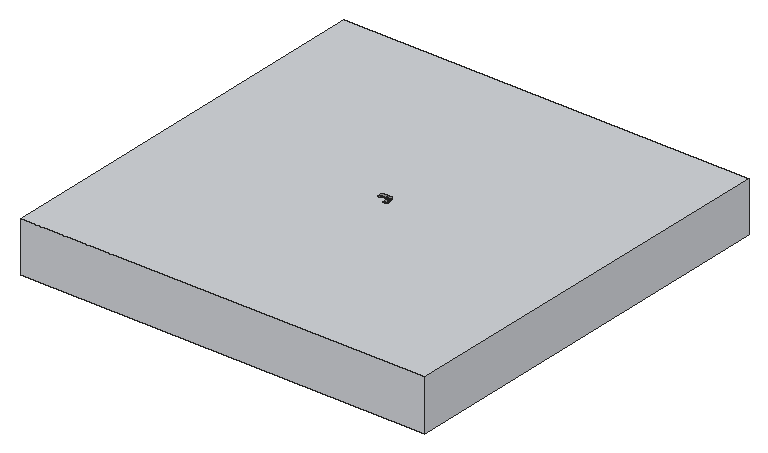
Revit family "Hekatron_Rauchwarnmelder_FM.Basis X_DE_22.01", category Brandmelder, Revit 2018
Family settings
  Basisbauteil = Fläche
  Beschriftungsausrichtung beibehalten = Ja
  Bemaßung runder Anschluss = Durchmesser verwenden
  Teiletyp = Normal
  OmniClass-Nummer = 23.85.30.21
  OmniClass-Titel = Environmental Detection/Registration
  Beim Laden mit Abzugskörper schneiden = Nein
  Gemeinsam genutzt = Nein
  Raumberechnungspunkt = Nein
Parameters (values of type "FM.Basis X")
  Zulässige Umgebungstemperatur = "0 °C bis + 55 °C"
  Zulässige Luftgeschwindigkeit = ""
  Zulassungen nach EN 54 = ""
  Width [instance] = 60 mm
  Version des BIM Objektes = "22.01"
  VdS-Anerkennung = "G 219068"
  URL = "https://www.hekatron-brandschutz.de"
  UB A&S Artikel Nummer = "31-5200001-11-02"
  Typenkommentare = "Funkmodul Basis X"
  Tiefe (mm) = "78.0"
  Stromaufnahme = ""
  Schutzart = ""
  Rauchteil einstellbar = ""
  Nettogewicht (g) = "10.0"
  Montageart = ""
  Modell = "FM.Basis X"
  Material = "PCB"
  Link zum Datenblatt = ""
  Link zu ausschreiben.de = "https://www.ausschreiben.de/katalog/Hekatron/position/218"
  Link zu Produktinformation = ""
  Link zu Ausschreibungstext = "https://www.meinhplus.de/login"
  Leistungserklärung (DoP) = "CPR-31-19-003-de-en"
  Lautstärke DIN-Ton (dB) = ""
  Kabeleinführung = ""
  Höhe (mm) = "10.0"
  Hersteller = "Hekatron"
  Heigth [instance] = 78 mm
  Funktionsprinzip = "Funk"
  Farbe = ""
  Ex-Zonen = ""
  Einstellung Temperaturklasse nach EN 54-5 = ""
  Einstellung Temperaturindex nach EN 54-5 = ""
  Einstellung Rauchempfindlichkeit nach EN 54-20 = ""
  Einstellen Rauchempfindlichkeit nach EN 54-7 = ""
  EG-Konformitätszertifikat / Zertifikat der Leistungsbeständigkeit = ""
  Durchmesser (mm) = ""
  Depth [instance] = 6.5 mm
  Vorgabe-Ansicht = 1200 mm
  Breite (mm) = "60.0"
  Betriebsspannung = ""
  Beschreibung = "Funkmodul Basis X zur Funkvernetzung von Rauchwarnmeldern Genius Plus X und Genius Hx. Durch den Einsatz eines Funkmoduls Basis X wird ein Alarm flächendeckend bei allen Funk-Rauchwarnmeldern gleicher Linie signalisiert. Je Linie können maximal 30 Rauchwarnmelder vernetzt werden."
  Bauartgenehmigungen = ""
  Anzahl Ansaugleitungen = ""
  Ansprechtemperatur = ""
  Alarm- & Empfindlichkeitsbereich = ""
Types (2, lengths in mm): name | URL | Typenkommentare | Beschreibung
  (no name) | "www.hekatron-brandschutz.de" | 0 | 0
  FM.Basis X | "https://www.hekatron-brandschutz.de" | "Funkmodul Basis X" | "Funkmodul Basis X zur Funkvernetzung von Rauchwarnmeldern Genius Plus X und Genius Hx. Durch den Einsatz eines Funkmoduls Basis X wird ein Alarm flächendeckend bei allen Funk-Rauchwarnmeldern gleicher Linie signalisiert. Je Linie können maximal 30 Rauchwarnmelder vernetzt werden."
Values of the unnamed type that differ from the named types
  Zulässige Umgebungstemperatur = ""
  Version des BIM Objektes = ""
  VdS-Anerkennung = ""
  UB A&S Artikel Nummer = ""
  Tiefe (mm) = ""
  Nettogewicht (g) = ""
  Material = ""
  Link zu ausschreiben.de = ""
  Link zu Ausschreibungstext = ""
  Leistungserklärung (DoP) = ""
  Höhe (mm) = ""
  Funktionsprinzip = ""
  Breite (mm) = ""
Reference planes
  plane 1 "Center (Front/Back)": y = 0
  plane 2: z = 0
  plane 3 "Center (Left/Right)": x = 0
Forms (mm)
  Extrusion 1, solid
    sketch origin (0, 0, 0) x (1, 0, 0) y (0, 1, 0)
      loop
        line (-1219.2, 1219.2) -> (-1219.2, -1219.2) -> (1219.2, -1219.2) -> (1219.2, 1219.2) -> (-1219.2, 1219.2)
    from 0 to -304.8
  Extrusion 2, solid, material "GFRP, Green"
    sketch origin (0, 0, 0) x (1, 0, 0) y (0, 1, 0)
      loop
        line (19.985, 30) -> (-30, 30)
        arc (-30, 30) -> (-34.756, 26.404) -> (-39, 22.216) r 45.486
        line (-39, 22.216) -> (-39, -1) -> (-22.5, -1) -> (-22.5, 8) -> (12.5, 8) -> (12.5, -30) -> (34, -30) -> (39, -19.5) -> (39, 3.5)
        arc (39, 3.5) -> (31.95, 18.513) -> (19.985, 30) r 45.478
      loop
        circle (-30, 4) r 2.5
      loop
        circle (20, 4) r 2.5
      loop
        circle (31.75, 2) r 0.8
      loop
        circle (31.75, -0.5) r 0.8
      loop
        circle (31.75, -3) r 0.8
      loop
        circle (31.75, -5.5) r 0.8
      loop
        circle (31.75, -8) r 0.8
      loop
        circle (31.75, -10.5) r 0.8
    from 0 to 1.6
  Extrusion 3, solid, material "Plastic, Opaque Brown"
    sketch origin (0, 0, 0) x (1, 0, 0) y (0, 1, 0)
      loop
        line (8.85, 23.975) -> (2.65, 23.975) -> (2.65, 17.775) -> (8.85, 17.775) -> (8.85, 23.975)
    from 1.6 to 5.1
  Extrusion 4, solid, material "Plastic, Opaque Red"
    sketch origin (0, 0, 0) x (1, 0, 0) y (0, 1, 0)
      loop
        circle (5.75, 20.875) r 1.7
    from 5.1 to 6.5
  Extrusion 5, solid, material "Plastic, Transparent"
    sketch origin (0, 0, 0) x (1, 0, 0) y (0, 1, 0)
      loop
        line (33.1, 10.875) -> (30.9, 10.875) -> (30.9, 8.875) -> (33.1, 8.875) -> (33.1, 10.875)
    from 1.6 to 2.9
  Revolve 6, solid, material "Plastic, Transparent"
    sketch origin (32, 0, 0) x (0, 1, 0) y (0, 0, 1)
      loop
        line (9.875, 4.52) -> (9.875, 2.9) -> (10.75, 2.9) -> (10.672, 3.79)
        arc (10.672, 3.79) -> (10.415, 4.31) -> (9.875, 4.52) r 0.8
      axis (9.875, 2.9) -> (9.875, 4.52)
    angle from 0 to 360
Dimensions and locks
  "Heigth": Extrusion 2 to Extrusion 2
  "Width": Extrusion 2 to Extrusion 2
  "Depth": Extrusion 4 to Extrusion 1
  aligned and locked: plane 2 to Extrusion 1
  aligned and locked: level to Extrusion 1
Automatic sketch dimensions
  Extrusion 1 sketch curve to Extrusion 1 sketch curve = 2438.4 mm  (x2)
  Extrusion 2 sketch curve to Extrusion 2 sketch curve = 0 mm  (x23)
  plane 1 "Center (Front/Back)" to Extrusion 2 sketch curve = 1 mm
  Extrusion 2 sketch curve to plane 3 "Center (Left/Right)" = 39 mm
  Extrusion 2 sketch curve to Extrusion 2 sketch curve = 9 mm  (x2)
  Extrusion 2 sketch curve to plane 1 "Center (Front/Back)" = 4 mm  (x2)
  Extrusion 2 sketch curve to Extrusion 2 sketch curve = 7.5 mm  (x2)
  Extrusion 2 sketch curve to plane 3 "Center (Left/Right)" = 5 mm
  plane 3 "Center (Left/Right)" to Extrusion 2 sketch curve = 12.5 mm
  plane 3 "Center (Left/Right)" to Extrusion 2 sketch curve = 19.985 mm
  plane 1 "Center (Front/Back)" to Extrusion 2 sketch curve = 0.5 mm
  Extrusion 2 sketch curve to Extrusion 2 sketch curve = 11.75 mm
  Extrusion 2 sketch curve to Extrusion 2 sketch curve = 2.25 mm
  plane 1 "Center (Front/Back)" to Extrusion 2 sketch curve = 19.5 mm
  Extrusion 2 sketch curve to Extrusion 2 sketch curve = 7.25 mm
  Extrusion 2 sketch curve to Extrusion 2 sketch curve = 10.5 mm
  Extrusion 2 sketch curve to Extrusion 2 sketch curve = 10 mm
  Extrusion 2 sketch curve to Extrusion 2 sketch curve = 2.5 mm  (x5)
  plane 1 "Center (Front/Back)" to Extrusion 2 sketch curve = 8 mm
  Extrusion 2 sketch curve to plane 1 "Center (Front/Back)" = 2 mm
  Extrusion 2 sketch curve to plane 1 "Center (Front/Back)" = 3.5 mm
  Extrusion 2 sketch curve to Extrusion 2 sketch curve = 4 mm
  Extrusion 2 sketch curve to Extrusion 2 sketch curve = 0.8 mm  (x6)
  plane 3 "Center (Left/Right)" to Extrusion 3 sketch curve = 2.65 mm
  Extrusion 3 sketch curve to Extrusion 3 sketch curve = 6.2 mm  (x2)
  Extrusion 3 sketch curve to plane 1 "Center (Front/Back)" = 17.775 mm
  Extrusion 4 sketch curve to Extrusion 4 sketch curve = 0 mm  (x2)
  plane 3 "Center (Left/Right)" to Extrusion 4 sketch curve = 5.75 mm
  Extrusion 4 sketch curve to plane 1 "Center (Front/Back)" = 20.875 mm
  Extrusion 4 sketch curve to Extrusion 4 sketch curve = 1.7 mm
  Extrusion 5 sketch curve to plane 1 "Center (Front/Back)" = 10.875 mm
  plane 3 "Center (Left/Right)" to Extrusion 5 sketch curve = 30.9 mm
  Extrusion 5 sketch curve to Extrusion 5 sketch curve = 2.2 mm
  Extrusion 5 sketch curve to Extrusion 5 sketch curve = 2 mm
  level to Revolve 6 sketch curve = 3.72 mm
  Revolve 6 sketch curve to plane 1 "Center (Front/Back)" = 9.875 mm
  level to Revolve 6 sketch curve = 3.79 mm
  Revolve 6 sketch curve to Revolve 6 sketch curve = 0.797 mm
  Revolve 6 sketch curve to Revolve 6 sketch curve = 0.875 mm
  Revolve 6 sketch curve to Revolve 6 sketch curve = 0.82 mm
  Revolve 6 sketch curve to Revolve 6 sketch curve = 0 mm  (x2)
  Revolve 6 sketch curve to Revolve 6 sketch curve = 0.22 mm
